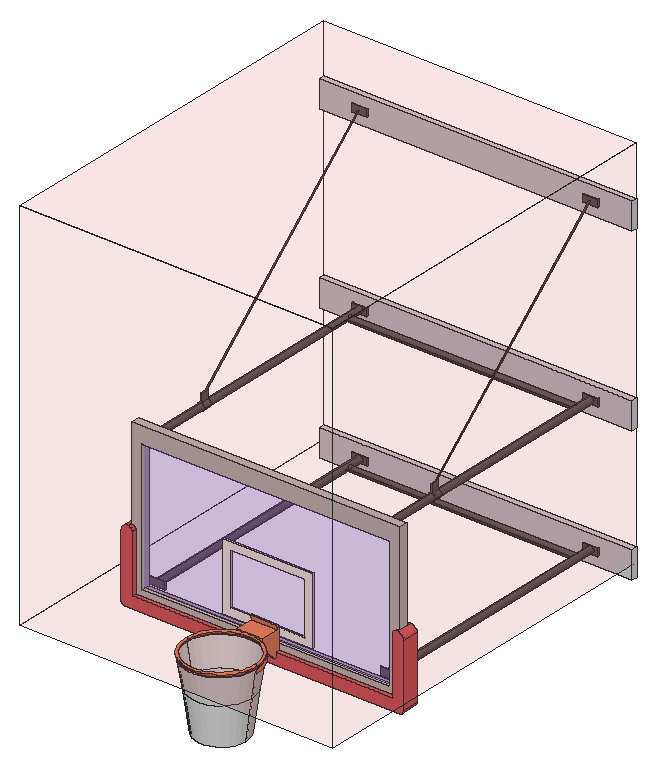
Revit family "Gymnasium-Eqpt_Basketball_IPIbyBison_IP12WF", category Specialty Equipment, Revit 2024
Family settings
  Round Connector Dimension = Use Diameter
  Part Type = Normal
  Work Plane-Based = Yes
  Enable Cutting in Views = No
  Always vertical = No
  Cut with Voids When Loaded = No
  Maintain Annotation Orientation = No
  Shared = No
  Room Calculation Point = No
Parameters (values of type "Wall Mounted Fold Up")
  wall distance text = "4 to 10 ft from Wall"
  Warranty Duration (Years) = 0
  Unit Width = 7' - 0"
  Unit Height [instance] = Stringer Height_First + 0' 2"  # 10' - 0"
  Unit Depth = 2' - 8"
  URL = "https://ipibybison.com/"
  Stringer Wood [instance] = none
  Stringer Height_Third [instance] = 4' - 0"
  Stringer Height_Second [instance] = 3' - 0"
  Stringer Height_First [instance] = 9' - 10"
  Specification = ""
  SpecWizard = ""
  Send Message = ""
  Sales Information = "https://ipibybison.com/ArchitectsPage.php"
  Rim Color [instance] = Plastic - IPI by Bison - Orange OR
  Revision = "R1_01-2018"
  Range of Wall Distance [instance] = wall distance text  # "4 to 10 ft from Wall"
  Product Properties = ""
  Product Data = "http://www.arcat.com/arcatcos/cos49/arc49571.html"
  Net Color [instance] = Finish - IPI by Bison - White Netting
  Model = "IP12WF"
  Manufacturer Website = "https://ipibybison.com/"
  Manufacturer Phone - Toll Free = "800-637-7968"
  Manufacturer Phone = ""
  Manufacturer Fax = "800-638-0698"
  Manufacturer Address = "603 L St  Lincoln, NE 68508"
  Manufacturer = "IPI by Bison"
  Maintenance Schedule (Months) = 0
  Keynote = ""
  Installation-Fabrication = ""
  Installation Phase = ""
  Green Building-LEED = ""
  Glass [instance] = Glass
  Frame Finish [instance] = Finish - IPI by Bison - Black
  Folding Clearance [instance] = ARCAT Clearance
  Expected Lifespan (Years) = 0
  Drawn By = "Sumex Design, Inc. / Robert S. Weygant, CSI, CDT, SCIP"
  Description = "IPI by Bison Wall Mounted Up Folding Basketball Backboard - IP12WF as Specified"
  Default Elevation = 0' - 0"
  Copyright = "©Arcat Inc."
  Construction Details = ""
  Clearance Visible [instance] = yes
  Backboard Square Color [instance] = Finish - IPI by Bison - White
  Backboard Padding Color [instance] = Plastic - IPI by Bison - Scarlet SC
  Backboard Distance from Wall [instance] = 6' - 0"
  Backboard Color [instance] = Finish - IPI by Bison - Satin Aluminum
  Assembly Code = ""
Reference planes (in)
  plane 1 "Center (Front/Back)": y = 0
  plane 2 "Bottom": z = 0
  plane 3 "Center (Left/Right)": x = 0
  plane 4 "Left": x = -42
  plane 5 "Right": x = 42
  plane 6 "Top": z = 120
  plane 7: y = -72
  plane 8: y = -59.5813
  plane 9: z = 118
  plane 10: z = 154
  plane 11: z = 202
  plane 12: x = -31.00488
  plane 13: x = 31.00488
  plane 14: y = -69.5
  plane 15: y = -54
Forms (in)
  Extrusion 1, solid, material <- "Stringer Wood"
    sketch origin (0, 0, 0) x (0, 1, 0) y (0, 0, 1)
      loop
        line (0, 198.375) -> (0, 205.625) -> (-1.5, 205.625) -> (-1.5, 198.375) -> (0, 198.375)
      loop
        line (0, 150.375) -> (0, 157.625) -> (-1.5, 157.625) -> (-1.5, 150.375) -> (0, 150.375)
      loop
        line (0, 114.375) -> (0, 121.625) -> (-1.5, 121.625) -> (-1.5, 114.375) -> (0, 114.375)
    from -42 to 42
  Extrusion 2, solid, material "Finish - IPI by Bison - Black" <- "Frame Finish"
    sketch origin (-31.00488, -180, 220.71867) x (0, 0, 1) y (0, -1, 0)
      loop
        line (-67.71867, -110.25) -> (-67.71867, -110.5) -> (-65.71867, -110.5) -> (-65.71867, -110.25) -> (-67.71867, -110.25)
      loop
        line (-101.71867, -110.25) -> (-103.71867, -110.25) -> (-103.71867, -110.5) -> (-101.71867, -110.5) -> (-101.71867, -110.25)
      loop
        line (-67.71867, -178.5) -> (-65.71867, -178.5) -> (-65.71867, -178.25) -> (-67.71867, -178.25) -> (-67.71867, -178.5)
      loop
        line (-103.71867, -178.5) -> (-101.71867, -178.5) -> (-101.71867, -178.25) -> (-103.71867, -178.25) -> (-103.71867, -178.5)
      loop
        line (-19.71867, -178.5) -> (-17.71867, -178.5) -> (-17.71867, -178.25) -> (-19.71867, -178.25) -> (-19.71867, -178.5)
    from 2 to -2
  Extrusion 3, solid, material "Finish - IPI by Bison - Black" <- "Frame Finish"
    sketch origin (31.00488, -180, 220.71867) x (0, 0, 1) y (0, -1, 0)
      loop
        line (-65.71867, -110.25) -> (-67.71867, -110.25) -> (-67.71867, -110.5) -> (-65.71867, -110.5) -> (-65.71867, -110.25)
      loop
        line (-103.71867, -110.25) -> (-103.71867, -110.5) -> (-101.71867, -110.5) -> (-101.71867, -110.25) -> (-103.71867, -110.25)
      loop
        line (-103.71867, -178.25) -> (-103.71867, -178.5) -> (-101.71867, -178.5) -> (-101.71867, -178.25) -> (-103.71867, -178.25)
      loop
        line (-67.71867, -178.25) -> (-67.71867, -178.5) -> (-65.71867, -178.5) -> (-65.71867, -178.25) -> (-67.71867, -178.25)
      loop
        line (-19.71867, -178.25) -> (-19.71867, -178.5) -> (-17.71867, -178.5) -> (-17.71867, -178.25) -> (-19.71867, -178.25)
    from 2 to -2
  Extrusion 4, solid, material "Finish - IPI by Bison - Black" <- "Frame Finish"
    sketch origin (31.00488, -1.75, 143) x (0, 0, 1) y (-1, 0, 0)
      loop
        circle (11, 62.00977) r 0.875
      loop
        circle (-25, 62.00977) r 0.875
      loop
        circle (11, 0) r 0.875
      loop
        circle (-25, 0) r 0.875
    from 0 to 67.75
  Extrusion 5, solid, material "Finish - IPI by Bison - Black" <- "Frame Finish"
    sketch origin (0, -54, 159.04229) x (0, 0, 1) y (1, 0, 0)
      loop
        line (-4.05404, 30.85203) -> (-1.80404, 30.85203) -> (-1.80404, 31.15773) -> (-4.05404, 31.15773)
        arc (-4.05404, 31.15773) -> (-6.04229, 31.00488) -> (-4.05404, 30.85203) r 1
      loop
        arc (-4.05404, -30.85203) -> (-6.04229, -31.00488) -> (-4.05404, -31.15773) r 1
        line (-4.05404, -31.15773) -> (-1.80404, -31.15773) -> (-1.80404, -30.85203) -> (-4.05404, -30.85203)
    from 1 to -1
  Sweep 6, solid, material "Finish - IPI by Bison - Black" <- "Frame Finish"
    path origin (0, 0, 0) x (0, 1, 0) y (0, 0, 1)
      loop
        line (-54, 156.75) -> (-2.09969, 202)
    profile origin (0, -28.04984, 179.375) x (0, -0.657165, 0.753747) y (1, 0, 0)
      loop
        circle (0, -31.00488) r 0.125
      loop
        circle (0, 31.00488) r 0.125
  Extrusion 7, solid, material "ARCAT Clearance" <- "Folding Clearance", visible <- "Clearance Visible"
    sketch origin (0, 0, 0) x (0, 1, 0) y (0, 0, 1)
      loop
        line (-102, 118) -> (0, 118) -> (0, 219) -> (-102, 219) -> (-102, 118)
    from -42 to 42
  Extrusion 8, solid, material "Finish - IPI by Bison - Black" <- "Frame Finish"
    sketch origin (0, 0, 0) x (0, 1, 0) y (0, 0, 1)
      loop
        circle (-6, 154) r 0.75
      loop
        circle (-6, 118) r 0.75
    from -31.00488 to 31.00488
Dimensions and locks (in)
  equal spacing: plane 4 "Left", plane 3 "Center (Left/Right)", plane 5 "Right"
  "Unit Width": plane 4 "Left" to plane 5 "Right"
  "Unit Height": plane 6 "Top" to level
  locked: plane 7 to plane 8 at 12.4187
  "Backboard Distance from Wall": plane 7 to plane 1 "Center (Front/Back)"
  "Stringer Height_First": plane 9 to level
  "Stringer Height_Second": plane 10 to plane 9
  "Stringer Height_Third": plane 11 to plane 10
  Extrusion 1 sketch curve to plane 9 to Extrusion 1 sketch curve = 0' - 3 5/8" locked, 0' - 3 5/8" locked
  Extrusion 1 sketch curve to plane 10 to Extrusion 1 sketch curve = 0' - 3 5/8" locked, 0' - 3 5/8" locked
  Extrusion 1 sketch curve to plane 11 to Extrusion 1 sketch curve = 0' - 3 5/8" locked, 0' - 3 5/8" locked
  Extrusion 2 sketch curve to plane 10 to Extrusion 2 sketch curve = 0' - 1" locked, 0' - 1" locked  (x2)
  plane 7 to Extrusion 2 sketch curve to Extrusion 2 sketch curve = 0' - 2 1/4" locked, 0' - 0 1/4" locked  (x2)
  Extrusion 2 sketch curve to plane 9 to Extrusion 2 sketch curve = 0' - 1" locked, 0' - 1" locked  (x2)
  Extrusion 2 sketch curve to plane 11 to Extrusion 2 sketch curve = 0' - 1" locked, 0' - 1" locked
  equal spacing: plane 13, plane 3 "Center (Left/Right)", plane 12
  locked: plane 13 to plane 12 at 62.00977
  locked: Extrusion 3 sketch curve to Extrusion 3 sketch curve at 0.25  (x5)
  Extrusion 3 sketch curve to plane 10 to Extrusion 3 sketch curve = 0' - 1" locked, 0' - 1" locked  (x2)
  Extrusion 3 sketch curve to plane 9 to Extrusion 3 sketch curve = 0' - 1" locked, 0' - 1" locked  (x2)
  locked: plane 7 to Extrusion 3 sketch curve at 2.25  (x2)
  Extrusion 3 sketch curve to plane 11 to Extrusion 3 sketch curve = 0' - 1" locked, 0' - 1" locked
  locked: Extrusion 4 sketch curve to plane 12 at 0
  locked: Extrusion 4 sketch curve to plane 10 at 0
  locked: plane 12 to Extrusion 4 sketch curve at 0
  locked: plane 9 to Extrusion 4 sketch curve at 0  (x2)
  locked: plane 13 to Extrusion 4 sketch curve at 0
  locked: Extrusion 4 sketch curve to plane 13 at 0
  locked: plane 10 to Extrusion 4 sketch curve at 0
  locked: plane 7 to plane 14 at 2.5
  locked: plane 7 to plane 15 at 18
  Extrusion 5 sketch curve to plane 13 to Extrusion 5 sketch curve to Extrusion 5 sketch curve = 0' - 0.15285" locked, 0' - 0" locked, 0' - 0.15285" locked
  Extrusion 5 sketch curve to plane 12 to Extrusion 5 sketch curve to Extrusion 5 sketch curve = 0' - 0.15285" locked, 0' - 0" locked, 0' - 0.15285" locked
  Extrusion 5 sketch curve to plane 10 to Extrusion 5 sketch curve = 0' - 3.23825" locked, 0' - 0" locked  (x2)
  locked: Sweep 6 sketch curve to plane 1 "Center (Front/Back)" at 2.09969
  locked: plane 11 to Sweep 6 sketch curve at 0
  locked: Sweep 6 sketch curve to plane 10 at 2.75
  locked: plane 15 to Sweep 6 sketch curve
  locked: Extrusion 3 sketch curve to plane 1 "Center (Front/Back)" at 1.5
  locked: Extrusion 7 sketch curve to plane 11 at 17
  locked: Extrusion 7 sketch curve to plane 7 at 30
  locked: Extrusion 8 sketch curve to plane 1 "Center (Front/Back)" at 6  (x2)
  locked: plane 10 to Extrusion 8 sketch curve at 0
  locked: plane 9 to Extrusion 8 sketch curve at 0
  aligned and locked: nested 1 to plane 8
  aligned and locked: Extrusion 1 to plane 4 "Left"
  aligned and locked: plane 5 "Right" to Extrusion 1
  aligned and locked: plane 14 to Extrusion 4
  aligned and locked: Extrusion 7 sketch curve to plane 9
  aligned and locked: plane 5 "Right" to Extrusion 7
  aligned and locked: Extrusion 7 to plane 4 "Left"
  aligned and locked: plane 13 to Extrusion 8
  aligned and locked: Extrusion 8 to plane 12
Automatic sketch dimensions
  Extrusion 1 sketch curve to plane 1 "Center (Front/Back)" = 0' - 0"  (x3)
  plane 1 "Center (Front/Back)" to Extrusion 1 sketch curve = 0' - 1 1/2"  (x3)
  plane 1 "Center (Front/Back)" to Extrusion 2 sketch curve = 0' - 1 3/4"  (x3)
  Extrusion 2 sketch curve to Extrusion 2 sketch curve = 0' - 0 1/4"  (x3)
  plane 1 "Center (Front/Back)" to Extrusion 3 sketch curve = 0' - 1 3/4"  (x2)
  Extrusion 5 sketch curve to Extrusion 5 sketch curve = 0' - 2 1/4"  (x2)
  Sweep 6 sketch curve to profile plane = 0' - 0"  (x2)
  Sweep 6 sketch curve to plane 3 "Center (Left/Right)" = 2' - 7.00488"
  plane 3 "Center (Left/Right)" to Sweep 6 sketch curve = 2' - 7.00488"
  Extrusion 7 sketch curve to plane 1 "Center (Front/Back)" = 0' - 0"
  radius of Extrusion 4 sketch curve = 0' - 0 7/8"  (x4)
  radius of Sweep 6 sketch curve = 0' - 0 1/8"  (x2)
  radius of Extrusion 8 sketch curve = 0' - 0 3/4"  (x2)
Nested families (in)
  nested 1: "Backboard_BA42XLGlass" at (0, -59.5813, 120) x (-1, 0, 0) z (0, 0, 1), backboard color <- "Backboard Color", backboard square color <- "Backboard Square Color", glass <- "Glass", rim finish <- "Rim Color", net color <- "Net Color", height offset <- "Unit Height", padding color <- "Backboard Padding Color", type "Backboard_BA42XLGlass"
    with rim finish Plastic - IPI by Bison - Orange OR, padding color Plastic - IPI by Bison - Scarlet SC, net color Finish - IPI by Bison - White Netting, height offset 10' - 0", glass Glass, frame finish none, backboard square color Finish - IPI by Bison - White, backboard color Finish - IPI by Bison - Satin Aluminum
Definition of nested family "Backboard_BA42XLGlass"
  Parameters (values of type "Backboard_BA42XLGlass")
    padding color [instance] = none
    net color [instance] = none
    rim finish [instance] = none
    height offset [instance] = 9' - 6"
    glass [instance] = none
    frame finish [instance] = none
    backboard square color [instance] = none
    backboard color [instance] = none
    Default Elevation = 4' - 0"
  Reference planes (in)
    plane 1 "Center (Front/Back)": y = 0
    plane 2: z = 0
    plane 3 "Center (Left/Right)": x = 0
    plane 4: z = -114
  Forms (in)
    Extrusion 1, solid, material <- "backboard color"
      sketch origin (-8.43545, 11.2937, 28.94441) x (1, 0, 0) y (0, 0, 1)
        loop
          line (-27.56455, 6.99989) -> (-27.56455, -35.00011) -> (44.43545, -35.00011) -> (44.43545, 6.99989) -> (-27.56455, 6.99989)
        loop
          line (41.81045, 2.74989) -> (-24.93955, 2.74989) -> (-24.93955, -32.37511) -> (41.81045, -32.37511) -> (41.81045, 2.74989)
      from 1.125 to -1.125
    Extrusion 2, solid, material <- "padding color"
      sketch origin (-8.43545, 11.2937, 29.06941) x (1, 0, 0) y (0, 0, 1)
        loop
          line (-27.55038, -17.62511) -> (-27.80038, -17.62511)
          arc (-27.80038, -17.62511) -> (-29.03781, -18.13767) -> (-29.55038, -19.37511) r 1.75
          line (-29.55038, -19.37511) -> (-29.55038, -36.12511)
          arc (-29.55038, -36.12511) -> (-29.25748, -36.83222) -> (-28.55038, -37.12511) r 1
          line (-28.55038, -37.12511) -> (45.44962, -37.12511)
          arc (45.44962, -37.12511) -> (46.15673, -36.83222) -> (46.44962, -36.12511) r 1
          line (46.44962, -36.12511) -> (46.44962, -19.37511)
          arc (46.44962, -19.37511) -> (45.93706, -18.13767) -> (44.69962, -17.62511) r 1.75
          line (44.69962, -17.62511) -> (44.42127, -17.62511)
          arc (44.42127, -17.62511) -> (43.71416, -17.918) -> (43.42127, -18.62511) r 1
          line (43.42127, -18.62511) -> (43.42127, -33.98376) -> (-26.55038, -33.98376) -> (-26.55038, -18.62511)
          arc (-26.55038, -18.62511) -> (-26.84327, -17.918) -> (-27.55038, -17.62511) r 1
      from -2.18697 to 2.14819
    Revolve 3, solid, material <- "net color"
      sketch origin (-8.43545, 27.4812, 28.93687) x (1, 0, 0) y (0, 0, 1)
        loop
          circle (-0.85808, -29.24642) r 0.3125
        loop
          line (-1.03195, -29.9762) -> (0.27041, -37.36226) -> (1.80132, -48.25521) -> (2.05377, -48.25521) -> (0.51737, -37.32314) -> (-0.77809, -29.9762) -> (-1.03195, -29.9762)
        axis (8.43545, -48.25521) -> (8.43545, -29.24642)
      angle from 0 to 360
    Revolve 4, solid, material <- "rim finish"
      sketch origin (0.02792, 11.2937, 0) x (0, 1, 0) y (0, 0, 1)
        loop
          line (6.79001, -0.625) -> (6.54001, -0.625) -> (6.54001, -2.125) -> (6.79001, -2.125) -> (6.79001, -0.625)
        axis (16.04001, -2.125) -> (16.04001, -0.625)
      angle from -90 to 90
    Extrusion 5, solid, material <- "rim finish"
      sketch origin (0, 0, 0) x (0, 1, 0) y (0, 0, 1)
        loop
          line (17.69724, 0) -> (12.8212, 0) -> (13.12361, 1.21287) -> (12.79369, 1.29513) -> (12.47078, 0) -> (12.47078, -6.5) -> (13.63137, -6.5) -> (17.69724, -2.43414) -> (17.69724, 0)
      from -3.50075 to 3.49925
    Extrusion 6, solid, material <- "backboard square color"
      sketch origin (0.02792, 11.2937, 0) x (1, 0, 0) y (0, 0, 1)
        loop
          line (-12.02792, 16.0023) -> (-12.02792, -1.9977) -> (11.97208, -1.9977) -> (11.97208, 16.0023) -> (-12.02792, 16.0023)
        loop
          line (-10.02792, 14.0023) -> (-10.02792, 0) -> (9.97208, 0) -> (9.97208, 14.0023) -> (-10.02792, 14.0023)
      from -0.44333 to 0.05679
    Extrusion 7, solid, material <- "glass"
      sketch origin (0.02792, 11.2937, 0) x (1, 0, 0) y (0, 0, 1)
        loop
          line (-33.40292, 31.6943) -> (-33.40292, -3.4307) -> (33.34708, -3.4307) -> (33.34708, 31.6943) -> (-33.40292, 31.6943)
      from -0.405 to 0
  Lines and regions (in)
    model lines
      curve 1: line (-0.00075, 0, 0) -> (-0.00075, 0, -114)
  Dimensions and locks (in)
    "height offset": level to plane 4
    aligned and locked: plane 2 to level
    aligned and locked: plane 4 to curve 1
  Automatic sketch dimensions
    curve 1 to level = 0' - 0"
    curve 1 to plane 3 "Center (Left/Right)" = 0' - 0.00075"
    Extrusion 1 sketch curve to plane 3 "Center (Left/Right)" = 3' - 0"
    Extrusion 1 sketch curve to Extrusion 1 sketch curve = 0' - 2 5/8"  (x2)
    plane 3 "Center (Left/Right)" to Extrusion 1 sketch curve = 2' - 9 3/8"
    Extrusion 1 sketch curve to level = 0' - 6.0557"
    Extrusion 1 sketch curve to level = 0' - 3.4307"
    level to Extrusion 1 sketch curve = 2' - 7.6943"
    Extrusion 1 sketch curve to Extrusion 1 sketch curve = 0' - 4 1/4"
    level to Extrusion 2 sketch curve = 0' - 9.6943"
    Extrusion 2 sketch curve to plane 3 "Center (Left/Right)" = 3' - 1.98582"
    Extrusion 2 sketch curve to Extrusion 2 sketch curve = 0' - 1"  (x4)
    Extrusion 2 sketch curve to Extrusion 2 sketch curve = 0' - 1 3/4"
    Extrusion 2 sketch curve to Extrusion 2 sketch curve = 0' - 0 1/4"
    level to Extrusion 2 sketch curve = 0' - 10.4443"
    plane 3 "Center (Left/Right)" to Extrusion 2 sketch curve = 2' - 10.98582"
    Extrusion 2 sketch curve to Extrusion 2 sketch curve = 0' - 0.27835"
    Extrusion 2 sketch curve to Extrusion 2 sketch curve = 0' - 2.02835"
    Extrusion 2 sketch curve to level = 0' - 4.91435"
    Extrusion 2 sketch curve to Extrusion 2 sketch curve = 0' - 2.14135"
    Revolve 3 sketch curve to plane 3 "Center (Left/Right)" = 0' - 0"
    Revolve 3 sketch curve to plane 3 "Center (Left/Right)" = 0' - 6.38167"
    Revolve 3 sketch curve to Revolve 3 sketch curve = 0' - 0.25246"
    Revolve 3 sketch curve to plane 3 "Center (Left/Right)" = 0' - 7.91808"
    Revolve 3 sketch curve to Revolve 3 sketch curve = 0' - 0.24696"
    Revolve 3 sketch curve to level = 0' - 1.03933"
    Revolve 3 sketch curve to Revolve 3 sketch curve = 0' - 1.0485"
    Revolve 3 sketch curve to level = 0' - 0.30954"
    Revolve 3 sketch curve to Revolve 3 sketch curve = 0' - 0.07999"
    Revolve 3 sketch curve to Revolve 3 sketch curve = 0' - 0.25386"
    Revolve 3 sketch curve to Revolve 3 sketch curve = 0' - 7.34694"
    Revolve 3 sketch curve to Revolve 3 sketch curve = 0' - 0.03911"
    Revolve 3 sketch curve to Revolve 3 sketch curve = 0' - 10.89295"
    Revolve 3 sketch curve to level = 0' - 0.00754"
    level to Revolve 3 sketch curve = 0' - 2.99246"
    Revolve 4 sketch curve to level = 0' - 2 1/8"
    Revolve 4 sketch curve to plane 1 "Center (Front/Back)" = 1' - 5.83371"
    Revolve 4 sketch curve to Revolve 4 sketch curve = 0' - 0 1/4"
    Revolve 4 sketch curve to level = 0' - 0 5/8"  (x2)
    Revolve 4 sketch curve to Revolve 4 sketch curve = 0' - 9 1/4"
    level to Revolve 4 sketch curve = 0' - 3 1/8"
    Extrusion 5 sketch curve to level = 0' - 0"  (x2)
    Extrusion 5 sketch curve to plane 1 "Center (Front/Back)" = 1' - 0.47078"
    level to Extrusion 5 sketch curve = 0' - 1.29513"
    Extrusion 5 sketch curve to Extrusion 5 sketch curve = 0' - 0.32291"
    Extrusion 5 sketch curve to Extrusion 5 sketch curve = 0' - 0.35043"
    Extrusion 5 sketch curve to Extrusion 5 sketch curve = 0' - 1.16059"
    Extrusion 5 sketch curve to Extrusion 5 sketch curve = 0' - 4.57363"
    Extrusion 5 sketch curve to Extrusion 5 sketch curve = 0' - 2.43414"
    Extrusion 5 sketch curve to Extrusion 5 sketch curve = 0' - 6 1/2"
    Extrusion 6 sketch curve to level = 0' - 0"
    Extrusion 6 sketch curve to level = 0' - 1.9977"
    Extrusion 6 sketch curve to plane 3 "Center (Left/Right)" = 1' - 0"
    Extrusion 6 sketch curve to Extrusion 6 sketch curve = 0' - 2"  (x3)
    plane 3 "Center (Left/Right)" to Extrusion 6 sketch curve = 0' - 10"
    Extrusion 6 sketch curve to Extrusion 6 sketch curve = 1' - 2.0023"
    Extrusion 7 sketch curve to plane 3 "Center (Left/Right)" = 2' - 9 3/8"
    Extrusion 7 sketch curve to level = 0' - 3.4307"
    plane 3 "Center (Left/Right)" to Extrusion 7 sketch curve = 2' - 9 3/8"
    level to Extrusion 7 sketch curve = 2' - 7.6943"
    radius of Revolve 3 sketch curve = 0' - 0 5/16"
